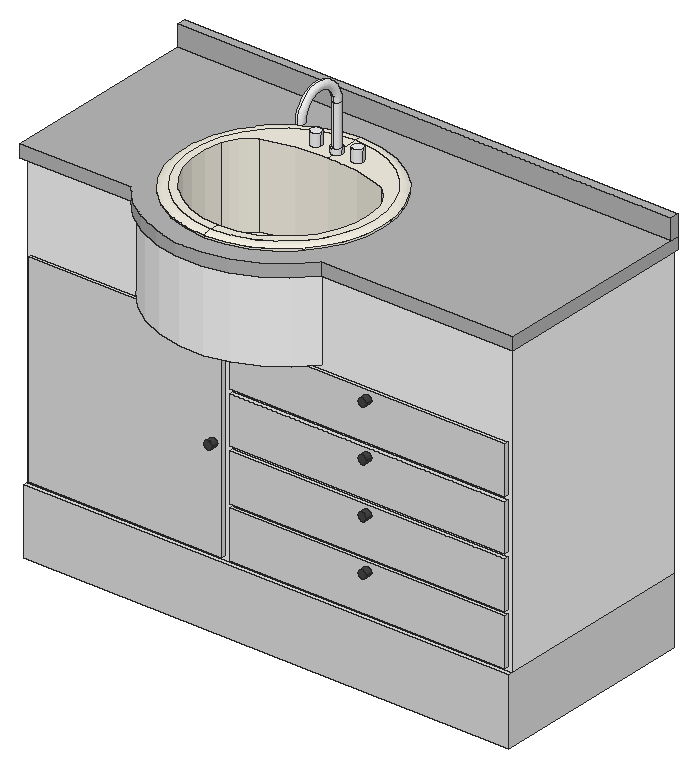
Revit family "wash basin (349)", category Casework, Revit 2020
Family settings
  Work Plane-Based = No
  Always vertical = Yes
  Cut with Voids When Loaded = No
  Shared = No
  Room Calculation Point = No
Parameters (values of type "L500xR700")
  Width-Total = 1200 mm
  Width-Rigth = 700 mm
  Width-Left = 500 mm
  Default Elevation = 0 mm
  Cabinet Material = EQ-IS-Armarios
  Depth = 500 mm
  Door/Drawer Material = EQ-IS-Armarios
  Handle Material = EQ-IS-Armarios-Puxadores
  Height = 900 mm
  Plinth Depth = 35 mm
  Plinth Height = 160 mm
  Width = 1000 mm
Reference planes
  plane 1 "Back": y = 0
  plane 2: z = 0
  plane 3 "Center": x = 94.938
  plane 4 "Left": x = -405.062
  plane 5 "Right": x = 794.938
  plane 6 "Front": y = -500
  plane 7 "Top": z = 900
  plane 8: x = 439.938
  plane 9: x = 784.938
  plane 10: x = 64.938
Forms (mm)
  Extrusion 1, solid, material "EQ-IS-Tampo"
    sketch origin (625.888, -580.95, 900) x (-1, 0, 0) y (0, -1, 0)
      loop
        line (762.347, -580.95) -> (762.347, -80.95)
        arc (762.347, -80.95) -> (530.95, 33.4) -> (299.553, -80.95) r 291.3
        line (299.553, -80.95) -> (299.553, -580.95) -> (762.347, -580.95)
      loop
        circle (530.95, -257.9) r 220.555
    from 0 to -30
  Extrusion 2, solid, material "EQ-IS-Tampo"
    sketch origin (625.888, -580.95, 900) x (-1, 0, 0) y (0, -1, 0)
      loop
        line (1030.95, -580.95) -> (1030.95, -561.9) -> (-169.05, -561.9) -> (-169.05, -580.95) -> (1030.95, -580.95)
    from 0 to 50
  Extrusion 3, solid, material "EQ-IS-Armarios"
    sketch origin (625.888, -580.95, 870) x (0, -1, 0) y (-1, 0, 0)
      loop
        line (-90.95, 757.351) -> (-90.95, 1020.95) -> (-580.95, 1020.95) -> (-580.95, -159.05) -> (-90.95, -159.05) -> (-90.95, 304.549)
        arc (-90.95, 304.549) -> (23.4, 530.95) -> (-90.95, 757.351) r 281.3
      loop
        line (-100.95, 752.243) -> (-100.95, 1010.95) -> (-570.95, 1010.95) -> (-570.95, -149.05) -> (-100.95, -149.05) -> (-100.95, 309.657)
        arc (-100.95, 309.657) -> (13.4, 530.95) -> (-100.95, 752.243) r 271.3
    from 0 to 200
  Extrusion 4, solid, material "EQ-IS-Armarios"
    sketch origin (625.888, -580.95, 670) x (1, 0, 0) y (0, -1, 0)
      loop
        line (-752.243, -100.95) -> (-309.657, -100.95)
        arc (-309.657, -100.95) -> (-530.95, 13.4) -> (-752.243, -100.95) r 271.3
    from 0 to -10
  Extrusion 5, solid, material "EQ-IS-Armarios"
    sketch origin (94.938, -604.35, 670) x (0, 1, 0) y (1, 0, 0)
      loop
        line (114.35, -490) -> (604.35, -490) -> (604.35, 690) -> (114.35, 690) -> (114.35, -490)
      loop
        line (124.35, -480) -> (594.35, -480) -> (594.35, 680) -> (124.35, 680) -> (124.35, -480)
    from 0 to 510
  Extrusion 6, solid, material "EQ-IS-Armarios-Portas"
    sketch origin (-395.062, 0, 160) x (0, -1, 0) y (-1, 0, 0)
      loop
        line (0, 0) -> (0, -1180) -> (500, -1180) -> (500, 0) -> (0, 0)
    from 0 to 160
  Extrusion 7, solid, material "EQ-IS-Armarios-Portas"
    sketch origin (-131.464, -490, 670) x (0, 0, 1) y (-1, 0, 0)
      loop
        line (-500, -906.401) -> (-385, -906.401) -> (-385, -236.401) -> (-500, -236.401) -> (-500, -906.401)
      loop
        line (-10, -216.401) -> (-10, 253.599) -> (-500, 253.599) -> (-500, -216.401) -> (-10, -216.401)
      loop
        line (-10, -236.401) -> (-125, -236.401) -> (-125, -906.401) -> (-10, -906.401) -> (-10, -236.401)
      loop
        line (-135, -236.401) -> (-250, -236.401) -> (-250, -906.401) -> (-135, -906.401) -> (-135, -236.401)
      loop
        line (-260, -236.401) -> (-375, -236.401) -> (-375, -906.401) -> (-260, -906.401) -> (-260, -236.401)
    from 0 to 10
  Extrusion 8, solid, material "EQ-IS-Armarios-Puxadores"
    sketch origin (-186.362, -500, 670) x (0, 0, 1) y (-1, 0, 0)
      loop
        circle (-255, -251.3) r 10
    from 0 to 15
  Extrusion 9, solid, material "EQ-IS-Armarios-Puxadores"
    sketch origin (63.638, -500, 520) x (0, 0, 1) y (-1, 0, 0)
      loop
        circle (-255, -376.3) r 10
    from 0 to 15
  Extrusion 10, solid, material "EQ-IS-Tampo"
    sketch origin (625.888, -580.95, 870) x (0, -1, 0) y (1, 0, 0)
      loop
        line (-80.95, -299.553) -> (-80.95, 169.05) -> (-580.95, 169.05) -> (-580.95, -299.553) -> (-80.95, -299.553)
      loop
        line (-80.95, -762.347) -> (-580.95, -762.347) -> (-580.95, -1030.95) -> (-80.95, -1030.95) -> (-80.95, -762.347)
    from 0 to 30
  Extrusion 11, solid, material "EQ-IS-Armarios-Puxadores"
    sketch origin (63.638, -500, 645) x (0, 0, 1) y (-1, 0, 0)
      loop
        circle (-255, -376.3) r 10
    from 0 to 15
  Extrusion 12, solid, material "EQ-IS-Armarios-Puxadores"
    sketch origin (63.638, -500, 770) x (0, 0, 1) y (-1, 0, 0)
      loop
        circle (-255, -376.3) r 10
    from 0 to 15
  Extrusion 13, solid, material "EQ-IS-Armarios-Puxadores"
    sketch origin (63.638, -500, 895) x (0, 0, 1) y (-1, 0, 0)
      loop
        circle (-255, -376.3) r 10
    from 0 to 15
Cuts and joins
  joined: Extrusion 3, Extrusion 4, Extrusion 5
  joined: Extrusion 1, Extrusion 10
Dimensions and locks
  "Width-Rigth": plane 3 "Center" to plane 5 "Right"
  "Depth": plane 6 "Front" to plane 1 "Back"
  Extrusion 1 sketch curve to plane 3 "Center" to Extrusion 1 sketch curve = 231.397 mm locked, 231.397 mm locked
  Extrusion 10 sketch curve to plane 3 "Center" to Extrusion 10 sketch curve = 231.397 mm locked, 231.397 mm locked
  locked: plane 5 "Right" to plane 9 at 10
  equal spacing: plane 9, plane 8, plane 3 "Center"
  locked: plane 3 "Center" to plane 10 at 30
  "Width-Left": plane 4 "Left" to plane 3 "Center"
Automatic sketch dimensions
  Extrusion 2 sketch curve to plane 1 "Back" = 0 mm
  Extrusion 2 sketch curve to plane 5 "Right" = 0 mm
  Extrusion 2 sketch curve to plane 4 "Left" = 0 mm
  Extrusion 2 sketch curve to Extrusion 2 sketch curve = 19.05 mm
  Extrusion 3 sketch curve to Extrusion 3 sketch curve = 0 mm  (x2)
  Extrusion 3 sketch curve to plane 1 "Back" = 0 mm
  Extrusion 3 sketch curve to plane 3 "Center" = 0 mm
  plane 1 "Back" to Extrusion 3 sketch curve = 10 mm
  Extrusion 3 sketch curve to plane 6 "Front" = 176.95 mm
  Extrusion 3 sketch curve to plane 6 "Front" = 20 mm  (x2)
  Extrusion 3 sketch curve to plane 6 "Front" = 10 mm  (x2)
  Extrusion 3 sketch curve to plane 3 "Center" = 221.293 mm
  Extrusion 3 sketch curve to Extrusion 3 sketch curve = 5.108 mm
  plane 4 "Left" to Extrusion 3 sketch curve = 20 mm
  plane 4 "Left" to Extrusion 3 sketch curve = 10 mm
  Extrusion 3 sketch curve to plane 5 "Right" = 20 mm
  Extrusion 3 sketch curve to plane 5 "Right" = 10 mm
  Extrusion 4 sketch curve to plane 3 "Center" = 0 mm
  Extrusion 4 sketch curve to plane 6 "Front" = 20 mm
  Extrusion 4 sketch curve to plane 3 "Center" = 221.293 mm
  Extrusion 4 sketch curve to plane 6 "Front" = 176.95 mm
  Extrusion 5 sketch curve to plane 1 "Back" = 0 mm
  plane 1 "Back" to Extrusion 5 sketch curve = 10 mm
  Extrusion 5 sketch curve to plane 6 "Front" = 20 mm
  Extrusion 5 sketch curve to plane 6 "Front" = 10 mm
  Extrusion 5 sketch curve to plane 5 "Right" = 10 mm
  Extrusion 5 sketch curve to Extrusion 5 sketch curve = 10 mm
  plane 4 "Left" to Extrusion 5 sketch curve = 20 mm
  plane 4 "Left" to Extrusion 5 sketch curve = 10 mm
  Extrusion 6 sketch curve to plane 1 "Back" = 0 mm
  Extrusion 6 sketch curve to plane 6 "Front" = 0 mm
  plane 4 "Left" to Extrusion 6 sketch curve = 10 mm
  Extrusion 6 sketch curve to plane 5 "Right" = 10 mm
  Extrusion 7 sketch curve to plane 5 "Right" = 20 mm  (x3)
  level to Extrusion 7 sketch curve = 170 mm  (x2)
  plane 4 "Left" to Extrusion 7 sketch curve = 20 mm
  plane 3 "Center" to Extrusion 7 sketch curve = 10 mm  (x4)
  Extrusion 7 sketch curve to Extrusion 7 sketch curve = 115 mm  (x4)
  Extrusion 7 sketch curve to Extrusion 7 sketch curve = 10 mm  (x3)
  plane 7 "Top" to Extrusion 7 sketch curve = 240 mm
  Extrusion 7 sketch curve to Extrusion 7 sketch curve = 0 mm
  Extrusion 7 sketch curve to plane 3 "Center" = 10 mm
  Extrusion 1 sketch curve to plane 6 "Front" = 0 mm
  Extrusion 1 sketch curve to plane 1 "Back" = 0 mm
  Extrusion 1 sketch curve to plane 3 "Center" = 0 mm
  Extrusion 1 sketch curve to plane 6 "Front" = 176.95 mm
  Extrusion 1 sketch curve to Extrusion 1 sketch curve = 0 mm  (x2)
  plane 1 "Back" to Extrusion 1 sketch curve = 102.496 mm
  Extrusion 10 sketch curve to plane 1 "Back" = 0 mm  (x2)
  plane 5 "Right" to Extrusion 10 sketch curve = 0 mm
  plane 6 "Front" to Extrusion 10 sketch curve = 0 mm
  Extrusion 10 sketch curve to plane 6 "Front" = 0 mm
  Extrusion 10 sketch curve to plane 4 "Left" = 0 mm
  Extrusion 9 sketch curve to plane 8 = 0 mm
  Extrusion 9 sketch curve to Extrusion 9 sketch curve = 10 mm
  Extrusion 9 sketch curve to Extrusion 9 sketch curve = 0 mm
  level to Extrusion 9 sketch curve = 265 mm
  Extrusion 11 sketch curve to Extrusion 11 sketch curve = 0 mm  (x2)
  Extrusion 11 sketch curve to plane 8 = 0 mm
  plane 8 to Extrusion 11 sketch curve = 10 mm
  level to Extrusion 11 sketch curve = 390 mm
  Extrusion 12 sketch curve to Extrusion 12 sketch curve = 0 mm  (x2)
  Extrusion 12 sketch curve to plane 8 = 0 mm
  plane 8 to Extrusion 12 sketch curve = 10 mm
  plane 7 "Top" to Extrusion 12 sketch curve = 385 mm
  Extrusion 13 sketch curve to Extrusion 13 sketch curve = 0 mm  (x2)
  Extrusion 13 sketch curve to plane 8 = 0 mm
  plane 8 to Extrusion 13 sketch curve = 10 mm
  plane 7 "Top" to Extrusion 13 sketch curve = 260 mm
  Extrusion 8 sketch curve to plane 10 = 0 mm
  Extrusion 8 sketch curve to Extrusion 8 sketch curve = 0 mm
  plane 10 to Extrusion 8 sketch curve = 10 mm
  level to Extrusion 8 sketch curve = 415 mm
Nested families
  nested 1: "M_Sink Vanity-Round" at (-1.714, -408.218, 0), type "482 x 482mm"
    with Top Of Counter 900 mm
Definition of nested family "M_Sink Vanity-Round"
  Parameters
    Default Elevation = 0 mm
    Basin Material = none
    Fixture Material = none
    Top Of Counter = 750.09 mm
  Reference planes
    plane 1: z = 0
    plane 2 "Center (Left/Right)": x = 96.652
    plane 3: z = 750.09
    plane 4: z = 759.615
    plane 5: x = -144.648
    plane 6: x = 337.952
    plane 7: y = 85.168
    plane 8: y = 326.468
    plane 9: y = -156.132
    plane 10: y = 136.253
    plane 11 "cold": x = 147.452
    plane 12 "hot": x = 45.852
    plane 13: y = 247.093
    plane 14 "sweep": x = 96.652
    plane 15: y = 247.093
    plane 16: z = 788.19
    plane 17: z = 534.19
    plane 18: z = 771.85
  Forms (mm)
    Revolve 1, solid, material <- "Basin Material"
      sketch origin (96.652, 0, 0) x (0, 1, 0) y (0, 0, 1)
        loop
          line (326.468, 750.09) -> (326.468, 754.059)
          arc (326.468, 754.059) -> (316.651, 758.914) -> (305.722, 759.615) r 27.884
          line (305.722, 759.615) -> (85.168, 759.615) -> (85.168, 534.19) -> (277.462, 534.19)
          arc (277.462, 534.19) -> (292.221, 540.434) -> (298.018, 555.374) r 20.566
          line (298.018, 555.374) -> (314.561, 750.09) -> (326.468, 750.09)
        axis (85.168, 759.615) -> (85.168, 534.19)
      angle from 0 to 360
    Extrusion 2, solid
      sketch origin (0, 0, 0) x (1, 0, 0) y (0, 1, 0)
        loop
          circle (96.652, 85.168) r 20.637
      from 555.374 to 534.19
    Extrusion 3, solid, material <- "Fixture Material"
      sketch origin (0, 0, 0) x (1, 0, 0) y (0, 1, 0)
        loop
          circle (147.452, 247.093) r 12.7
      from 788.19 to 759.615
    Extrusion 4, solid, material <- "Fixture Material"
      sketch origin (-101.6, 0, 0) x (1, 0, 0) y (0, 1, 0)
        loop
          circle (147.452, 247.093) r 12.7
      from 788.19 to 759.615
    Extrusion 5, solid, material <- "Fixture Material"
      sketch origin (-50.8, 0, 0) x (1, 0, 0) y (0, 1, 0)
        loop
          circle (147.452, 247.093) r 12.7
      from 759.615 to 771.85
    Sweep 6, solid, material <- "Fixture Material"
      path origin (96.652, 0, 0) x (0, -1, 0) y (0, 0, 1)
        loop
          line (-247.093, 759.615) -> (-247.093, 872.328)
          arc (-247.093, 872.328) -> (-191.673, 927.748) -> (-136.253, 872.328) r 55.42
      profile origin (96.652, 0, 815.971) x (0, 1, 0) y (-1, 0, 0)
        loop
          circle (247.093, 0) r 9.525
    Extrusion 7, void
      sketch origin (0, 0, 0) x (1, 0, 0) y (0, 1, 0)
        loop
          arc (-52.153, 194.086) -> (-80.443, 169.371) -> (-98.17, 136.253) r 104.55
          arc (-98.17, 136.253) -> (96.652, -116.241) -> (291.474, 136.253) r 201.408
          arc (291.474, 136.253) -> (273.746, 169.371) -> (245.457, 194.086) r 104.55
          arc (245.457, 194.086) -> (96.652, 219.266) -> (-52.153, 194.086) r 452.283
      from 759.615 to 555.374
  Cuts and joins
    Extrusion 7 cuts Revolve 1
    Extrusion 7 cuts Extrusion 2
    Extrusion 7 cuts Extrusion 3
    Extrusion 7 cuts Extrusion 4
    Extrusion 7 cuts Extrusion 5
    Extrusion 7 cuts Sweep 6
  Lines and regions (mm)
    symbolic lines
      curve 1: arc (337.952, 85.168, 0) -> (96.652, 326.468, 0) -> (-144.648, 85.168, 0) r 241.3
      curve 2: arc (-144.648, 85.168, 0) -> (96.652, -156.132, 0) -> (337.952, 85.168, 0) r 241.3
      curve 3: arc (117.289, 85.168, 0) -> (96.652, 105.805, 0) -> (76.014, 85.168, 0) r 20.637
      curve 4: arc (76.014, 85.168, 0) -> (96.652, 64.53, 0) -> (117.289, 85.168, 0) r 20.637
      curve 5: arc (160.152, 247.093, 0) -> (147.452, 259.793, 0) -> (134.752, 247.093, 0) r 12.7
      curve 6: arc (134.752, 247.093, 0) -> (147.452, 234.393, 0) -> (160.152, 247.093, 0) r 12.7
      curve 7: arc (106.177, 247.093, 0) -> (96.652, 256.618, 0) -> (87.127, 247.093, 0) r 9.525
      curve 8: arc (58.552, 247.093, 0) -> (45.852, 259.793, 0) -> (33.152, 247.093, 0) r 12.7
      curve 9: arc (33.152, 247.093, 0) -> (45.852, 234.393, 0) -> (58.552, 247.093, 0) r 12.7
      curve 10: arc (-98.17, 136.253, 0) -> (96.652, -116.241, 0) -> (291.474, 136.253, 0) r 201.408
      curve 11: arc (-98.17, 136.253, 0) -> (-80.443, 169.371, 0) -> (-52.153, 194.086, 0) r 104.55
      curve 12: arc (291.474, 136.253, 0) -> (273.746, 169.371, 0) -> (245.457, 194.086, 0) r 104.55
      curve 13: arc (-52.153, 194.086, 0) -> (16.5, 212.107, 0) -> (87.127, 219.166, 0) r 452.283
      curve 14: line (87.127, 247.093, 0) -> (87.127, 136.253, 0)
      curve 15: line (106.177, 247.093, 0) -> (106.177, 136.253, 0)
      curve 16: arc (87.127, 136.253, 0) -> (96.652, 126.728, 0) -> (106.177, 136.253, 0) r 9.525
      curve 17: arc (106.177, 219.166, 0) -> (176.804, 212.107, 0) -> (245.457, 194.086, 0) r 452.283
  Dimensions and locks
    locked: plane 4 to plane 3 at 9.525
    locked: plane 5 to plane 2 "Center (Left/Right)" at 241.3
    locked: plane 2 "Center (Left/Right)" to plane 6 at 241.3
    plane 7 to plane 8 = 241.3 mm
    plane 9 to plane 7 = 241.3 mm
    plane 1 to plane 3 = 750.09 mm
    locked: plane 12 "hot" to plane 2 "Center (Left/Right)" at 50.8
    locked: plane 2 "Center (Left/Right)" to plane 11 "cold" at 50.8
    locked: plane 13 to plane 8 at 79.375
    "Top Of Counter": plane 3 to plane 1
    locked: plane 16 to plane 3 at 38.1
    locked: plane 3 to plane 17 at 215.9
    plane 18 to plane 4 = 12.235 mm
    aligned and locked: plane 16 to Extrusion 3
    aligned and locked: plane 4 to Extrusion 3
    aligned and locked: Extrusion 3 to Extrusion 4
    aligned and locked: plane 4 to Extrusion 4
    aligned and locked: Revolve 1 sketch curve to plane 17
    aligned and locked: Extrusion 7 to Revolve 1
    aligned and locked: Extrusion 7 to plane 4
    aligned and locked: Extrusion 2 to cut or joined group of Revolve 1, Extrusion 7
    aligned and locked: plane 17 to Extrusion 2
    aligned and locked: Extrusion 5 to plane 18
    aligned and locked: plane 4 to Extrusion 5
  Automatic sketch dimensions
    Extrusion 2 sketch curve to plane 7 = 0 mm
    Extrusion 2 sketch curve to plane 2 "Center (Left/Right)" = 0 mm
    Extrusion 2 sketch curve to plane 2 "Center (Left/Right)" = 20.637 mm
    Extrusion 3 sketch curve to plane 13 = 0 mm
    Extrusion 3 sketch curve to plane 11 "cold" = 0 mm
    Extrusion 3 sketch curve to Extrusion 3 sketch curve = 12.7 mm
    Extrusion 4 sketch curve to Extrusion 4 sketch curve = 12.7 mm
    Extrusion 4 sketch curve to plane 13 = 0 mm
    Extrusion 4 sketch curve to plane 11 "cold" = 101.6 mm
    Extrusion 5 sketch curve to Extrusion 5 sketch curve = 12.7 mm
    Extrusion 5 sketch curve to plane 13 = 0 mm
    Extrusion 5 sketch curve to plane 11 "cold" = 50.8 mm
    Sweep 6 sketch curve to plane 13 = 0 mm
    Sweep 6 sketch curve to plane 10 = 0 mm
    Sweep 6 sketch curve to plane 4 = 0 mm
    Sweep 6 sketch curve to plane 3 = 122.237 mm
    Sweep 6 sketch curve to plane 14 "sweep" = 0 mm
    Sweep 6 sketch curve to profile plane = 0 mm
    profile plane to Sweep 6 sketch curve = 9.525 mm
    Revolve 1 sketch curve to plane 7 = 0 mm  (x2)
    Revolve 1 sketch curve to level = 0 mm
    Revolve 1 sketch curve to plane 4 = 0 mm  (x2)
    Revolve 1 sketch curve to plane 3 = 0 mm
    Revolve 1 sketch curve to plane 8 = 0 mm
    plane 8 to Revolve 1 sketch curve = 49.006 mm
    Revolve 1 sketch curve to Revolve 1 sketch curve = 20.556 mm
    plane 8 to Revolve 1 sketch curve = 20.745 mm
    Revolve 1 sketch curve to Revolve 1 sketch curve = 17.03 mm
    plane 8 to Revolve 1 sketch curve = 11.906 mm
    Revolve 1 sketch curve to Revolve 1 sketch curve = 20.566 mm
    Revolve 1 sketch curve to Revolve 1 sketch curve = 18.111 mm
    Extrusion 7 sketch curve to plane 10 = 0 mm  (x2)
    Extrusion 7 sketch curve to plane 2 "Center (Left/Right)" = 0 mm  (x2)
    Extrusion 7 sketch curve to plane 7 = 0 mm
    Extrusion 7 sketch curve to plane 7 = 19.108 mm  (x2)
    Extrusion 7 sketch curve to plane 2 "Center (Left/Right)" = 95.283 mm
    Extrusion 7 sketch curve to Extrusion 7 sketch curve = 53.522 mm
    Extrusion 7 sketch curve to Extrusion 7 sketch curve = 46.017 mm
    plane 2 "Center (Left/Right)" to Extrusion 7 sketch curve = 95.283 mm
    plane 9 to Extrusion 7 sketch curve = 76.885 mm
    curve 2 to plane 5 = 0 mm
    curve 10 to plane 10 = 0 mm
    curve 9 to plane 13 = 0 mm
    curve 9 to plane 12 "hot" = 0 mm
    curve 3 to plane 7 = 0 mm
    curve 14 to plane 13 = 0 mm
    curve 16 to plane 10 = 0 mm
    curve 16 to plane 2 "Center (Left/Right)" = 0 mm
    curve 13 to plane 2 "Center (Left/Right)" = 0 mm
    curve 4 to plane 2 "Center (Left/Right)" = 0 mm
    curve 1 to plane 2 "Center (Left/Right)" = 0 mm
    curve 10 to plane 2 "Center (Left/Right)" = 0 mm
    curve 17 to plane 2 "Center (Left/Right)" = 0 mm
    curve 6 to plane 13 = 0 mm
    curve 6 to plane 11 "cold" = 0 mm
    curve 12 to plane 10 = 0 mm
    curve 2 to plane 7 = 0 mm
    curve 10 to plane 7 = 0 mm
    curve 10 to plane 5 = 46.478 mm
    curve 11 to plane 10 = 57.834 mm
    curve 10 to curve 11 = 46.017 mm
    curve 11 to plane 7 = 19.108 mm
    curve 9 to curve 8 = 12.7 mm
    curve 3 to plane 2 "Center (Left/Right)" = 20.637 mm
    curve 14 to plane 2 "Center (Left/Right)" = 9.525 mm
    curve 6 to curve 5 = 12.7 mm
    curve 12 to plane 7 = 19.108 mm
    curve 3 to curve 12 = 74.645 mm
    curve 17 to curve 10 = 46.017 mm
    plane 9 to curve 17 = 76.885 mm
    curve 13 to curve 17 = 0 mm
